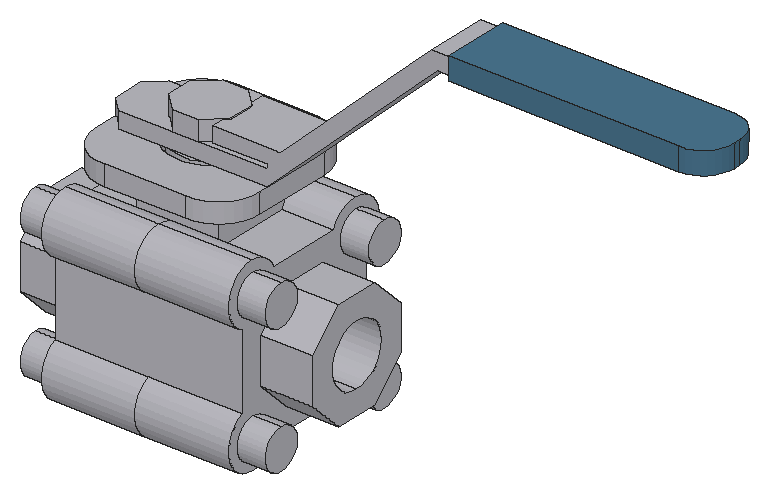
Revit family "320ASW-Ball-Valve", category Pipe Accessories, Revit 2018
Family settings
  Round Connector Dimension = Use Diameter
  Part Type = Valve - Breaks Into
  OmniClass Number = 23.60.30.11.14
  OmniClass Title = Pipework Fittings
  Work Plane-Based = No
  Always vertical = Yes
  Cut with Voids When Loaded = No
  Shared = No
Parameters
  Z4 [instance] = size_lookup(LookupTable, "Z4", 0.000", Nominal Diameter)  # 0.800"
  Z3 [instance] = size_lookup(LookupTable, "Z3", 0.000", Nominal Diameter)  # 0.200"
  Weight [instance] = size_lookup(LookupTable, "Weight", "NA", Nominal Diameter)  # "2.29 lbs."
  URL = "http://www.fnw.com"
  Standards Lookup Table = "Standards"  # constant formula
  R3 [instance] = size_lookup(LookupTable, "R3", 0.000", Nominal Diameter)  # 0.91924"
  Product ID Handle [instance] = "NA"
  Product ID [instance] = size_lookup(LookupTable, "ProductID", "NA", Nominal Diameter)  # "4106160"
  Pipe Diameter [instance] = size_lookup(Standards Lookup Table, "copper", 0.000", Nominal Diameter)  # 0.625"
  Pins [instance] = Lm / 2  # 0.650"
  Pin Length [instance] = X2 * 4 + X3  # 2.4726"
  Pin Diameter [instance] = size_lookup(LookupTable, "m", 0.000", Nominal Diameter)  # 0.400"
  Pin Bung [instance] = Pin Diameter * 1.5  # 0.600"
  Part Number Handle [instance] = "NA"
  Part Number [instance] = size_lookup(LookupTable, "PartNumber", "NA", Nominal Diameter)  # "FNW320ASWD"
  PIpe Radius [instance] = Pipe Diameter / 2  # 0.3125"
  Insert [instance] = size_lookup(LookupTable, "insert", 0.000", Nominal Diameter)  # 0.430"
  Manufacturer = "FNW"  # constant formula
  Lm [instance] = size_lookup(LookupTable, "lm", 0.000", Nominal Diameter)  # 1.300"
  Grip Pin4 [instance] = X3 / 2 + (X2 * 2)  # 1.2363"
  Gear [instance] = D3_Half - 0.063"  # 0.3495"
  Description BOM Handle [instance] = "NA"
  Description BOM [instance] = size_lookup(LookupTable, "Description_BOM", "NA", Nominal Diameter)  # "1/2 Stainless Steel 2000# Socket Weld 3 Piece Full Port BV"
  Z2 [instance] = size_lookup(LookupTable, "Z2", 0.000", Nominal Diameter)  # 0.300"
  Z1 [instance] = size_lookup(LookupTable, "Z1", 0.000", Nominal Diameter)  # 0.920"
  X3 [instance] = size_lookup(LookupTable, "X3", 0.000", Nominal Diameter)  # 1.2926"
  X2 [instance] = size_lookup(LookupTable, "X2", 0.000", Nominal Diameter)  # 0.295"
  X1 [instance] = size_lookup(LookupTable, "X1", 0.000", Nominal Diameter)  # 0.5337"
  Show Lever Clearance [instance] = no
  R2 [instance] = size_lookup(LookupTable, "R2", 0.000", Nominal Diameter)  # 0.71924"
  R1_Diam [instance] = R1 * 2  # 1.100"
  R1 [instance] = size_lookup(LookupTable, "R1", 0.000", Nominal Diameter)  # 0.550"
  Nominal Radius [instance] = Nominal Diameter / 2  # 0.250"
  Nominal Diameter [instance] = 0.500"
  LookupTable = "320ASW-Ball-Valve"  # constant formula
  HexAngle1 [instance] = 135.00°  # constant formula
  D4 [instance] = size_lookup(LookupTable, "D4", 0.000", Nominal Diameter)  # 0.375"
  D3_Half [instance] = D3 / 2  # 0.4125"
  D3 [instance] = size_lookup(LookupTable, "D3", 0.000", Nominal Diameter)  # 0.825"
  D2_Half [instance] = D2 / 2  # 0.61875"
  D2 [instance] = size_lookup(LookupTable, "D2", 0.000", Nominal Diameter)  # 1.2375"
  D1_Half [instance] = D1 / 2  # 0.825"
  D1 [instance] = size_lookup(LookupTable, "D1", 0.000", Nominal Diameter)  # 1.650"
  Body_W [instance] = Lm / 2 + 0.125"  # 0.775"
  1_Z2 [instance] = size_lookup(LookupTable, "1_Z2", 0.000", Nominal Diameter)  # 0.1644"
  1_Z1 [instance] = size_lookup(LookupTable, "1_Z1", 0.000", Nominal Diameter)  # 1.65435"
  1_Y1 [instance] = size_lookup(LookupTable, "1_Y1", 0.000", Nominal Diameter)  # 0.625"
  1_X6 [instance] = size_lookup(LookupTable, "1_X6", 0.000", Nominal Diameter)  # 0.375"
  1_X5 [instance] = size_lookup(LookupTable, "1_X5", 0.000", Nominal Diameter)  # 0.375"
  1_X4 [instance] = size_lookup(LookupTable, "1_X4", 0.000", Nominal Diameter)  # 0.825"
  1_X3 [instance] = size_lookup(LookupTable, "1_X3", 0.000", Nominal Diameter)  # 5.310"
  1_X2 [instance] = size_lookup(LookupTable, "1_X2", 0.000", Nominal Diameter)  # 1.65435"
  1_X1 [instance] = size_lookup(LookupTable, "1_X1", 0.000", Nominal Diameter)  # 1.650"
Reference planes (in)
  plane 1 "Center (Front/Back)": y = 0
  plane 2: z = 0
  plane 3 "Center (Left/Right)": x = 0
  plane 4 "X7 End": x = -1.475
  plane 5: x = -0.6463
  plane 6: x = 0.6463
  plane 7 "Pipe radius": z = 0.3125
  plane 8: z = 0.55
  plane 9: z = 0.92
  plane 10: z = 1.22
  plane 11 "top of pad": z = 1.42
  plane 12: x = 0.9413
  plane 13: x = -1.045
  plane 14: y = -0.65
  plane 15: z = -0.65
  plane 16: z = 0.65
  plane 17: y = 0.65
  plane 18: x = 10.098
  plane 19: y = 2.5
  plane 20: y = -2.5
  plane 21: y = -0.65
  plane 22: z = -0.65
  plane 23: z = 0.65
  plane 24: y = 0.65
  plane 25: through (0, 0, 0) normal (0, 0.7071, -0.7071)
  plane 26: through (0, 0, 0) normal (0, 0.7071, 0.7071)
  plane 27: y = -0.65
  plane 28: y = 0.65
  plane 29: y = -1.465
  plane 30: z = -1.465
  plane 31: z = 1.465
  plane 32: y = 1.465
  plane 33 "Pin Plane": x = -1.2363
  plane 34 "NPT 3": x = 1.475
  plane 35: x = 1.2363
  plane 36: z = -1.27275
  plane 37 "LM": z = 1.27275
  plane 38: x = -0.9413
  plane 39: x = 1.045
Forms (in)
  Extrusion 1, solid, material "Steel, Stainless", not visible
    sketch origin (-1.0872, 0, 0) x (0, 0, 1) y (0, -1, 0)
      loop
        circle (0, 0) r 0.25
    from 0.0422 to 2.1322
  Extrusion 2, solid, material "Steel, Stainless"
    sketch origin (1.4276, 0, 0) x (0, 0, 1) y (0, -1, 0)
      loop
        line (-0.22782, -0.55) -> (0.22782, -0.55) -> (0.55, -0.22782) -> (0.55, 0.22782) -> (0.22782, 0.55) -> (-0.22782, 0.55) -> (-0.55, 0.22782) -> (-0.55, -0.22782) -> (-0.22782, -0.55)
      loop
        circle (0, 0) r 0.3125
    from -2.9026 to 0.0474
  Extrusion 3, solid, material "Steel, Stainless"
    sketch origin (0, 0, 0.865) x (-1, 0, 0) y (0, -1, 0)
      loop
        arc (0.40833, -0.825) -> (0.70296, -0.70296) -> (0.825, -0.40833) r 0.41667
        line (0.825, -0.40833) -> (0.825, 0.40833)
        arc (0.825, 0.40833) -> (0.70296, 0.70296) -> (0.40833, 0.825) r 0.41667
        line (0.40833, 0.825) -> (-0.40833, 0.825)
        arc (-0.40833, 0.825) -> (-0.70296, 0.70296) -> (-0.825, 0.40833) r 0.41667
        line (-0.825, 0.40833) -> (-0.825, -0.40833)
        arc (-0.825, -0.40833) -> (-0.70296, -0.70296) -> (-0.40833, -0.825) r 0.41667
        line (-0.40833, -0.825) -> (0.40833, -0.825)
      loop
        circle (0, 0) r 0.4125
      loop
        circle (0, 0) r 0.3495
    from 0.355 to 0.555
  Extrusion 4, solid, material "Steel, Stainless"
    sketch origin (0, 0, 0.865) x (-1, 0, 0) y (0, -1, 0)
      loop
        line (0.4125, -0.4125) -> (0.4125, 0.4125) -> (-0.4125, 0.4125) -> (-0.4125, -0.4125) -> (0.4125, -0.4125)
    from -0.5525 to 0.355
  Extrusion 5, solid, material "Steel, Stainless"
    sketch origin (0, 0, 0.865) x (-1, 0, 0) y (0, -1, 0)
      loop
        line (0.21875, -0.21875) -> (0.21875, 0.21875) -> (-0.21875, 0.21875) -> (-0.21875, -0.21875) -> (0.21875, -0.21875)
    from 0.055 to 0.555
  Extrusion 6, solid, material "Steel, Stainless"
    sketch origin (-1.0872, 0, 0) x (0, 0, 1) y (0, -1, 0)
      loop
        circle (0.65, 0.65) r 0.2
      loop
        circle (0.65, -0.65) r 0.2
      loop
        circle (-0.65, -0.65) r 0.2
      loop
        circle (-0.65, 0.65) r 0.2
    from -0.1491 to 2.3235
  Extrusion 7, solid, material "Steel, Stainless"
    sketch origin (-1.0872, 0, 0) x (0, 0, 1) y (0, -1, 0)
      loop
        circle (0.65, -0.65) r 0.3
      loop
        circle (0.65, 0.65) r 0.3
      loop
        circle (-0.65, 0.65) r 0.3
      loop
        circle (-0.65, -0.65) r 0.3
    from 0.1459 to 1.0872
  Extrusion 8, solid, material "Steel, Stainless"
    sketch origin (-1.0872, 0, 0) x (0, 0, 1) y (0, -1, 0)
      loop
        circle (0.65, -0.65) r 0.3
      loop
        circle (0.65, 0.65) r 0.3
      loop
        circle (-0.65, 0.65) r 0.3
      loop
        circle (-0.65, -0.65) r 0.3
    from 1.0872 to 2.0285
  Extrusion 9, solid, material "Steel, Stainless"
    sketch origin (-1.2363, 0, 0) x (0, 0, 1) y (0, -1, 0)
      loop
        line (0.775, -0.775) -> (0.775, 0.775) -> (-0.775, 0.775) -> (-0.775, -0.775) -> (0.775, -0.775)
    from 0.295 to 2.1776
Cuts and joins
  joined: Extrusion 7, Extrusion 8, Extrusion 9
Dimensions and locks (in)
  "PIpe Radius": plane 7 "Pipe radius" to plane 2
  "R1": Extrusion 2 sketch curve to plane 1 "Center (Front/Back)"
  "R1": plane 1 "Center (Front/Back)" to Extrusion 2 sketch curve  (x5)
  "R1": plane 2 to Extrusion 2 sketch curve  (x2)
  "R1": plane 8 to plane 2
  "Z1": plane 9 to plane 2
  "Z2": plane 10 to plane 9
  "Z3": plane 11 "top of pad" to plane 10
  "D1_Half": Extrusion 3 sketch curve to plane 3 "Center (Left/Right)"
  "D1_Half": plane 3 "Center (Left/Right)" to Extrusion 3 sketch curve
  "D1_Half": plane 1 "Center (Front/Back)" to Extrusion 3 sketch curve
  "D1_Half": Extrusion 3 sketch curve to plane 1 "Center (Front/Back)"
  "D3_Half": Extrusion 4 sketch curve to plane 3 "Center (Left/Right)"
  "D3_Half": plane 3 "Center (Left/Right)" to Extrusion 4 sketch curve
  "D3_Half": plane 1 "Center (Front/Back)" to Extrusion 4 sketch curve  (x2)
  equal spacing: Extrusion 5 sketch curve, plane 1 "Center (Front/Back)", Extrusion 5 sketch curve
  Extrusion 5 sketch curve to Extrusion 5 sketch curve = 0.4375"  (x2)
  equal spacing: Extrusion 5 sketch curve, plane 3 "Center (Left/Right)", Extrusion 5 sketch curve
  "Pins": plane 2 to plane 16
  "Pins": plane 2 to plane 15
  "Pins": plane 1 "Center (Front/Back)" to plane 14
  "Pins": plane 17 to plane 1 "Center (Front/Back)"
  equal spacing: plane 19, plane 1 "Center (Front/Back)", plane 20
  plane 19 to plane 20 = 5.000"
  "Pins": plane 24 to plane 1 "Center (Front/Back)" to plane 21
  "Pins": plane 22 to plane 2 to plane 23
  plane 28 to plane 27 = 1.300"
  equal spacing: plane 28, plane 1 "Center (Front/Back)", plane 27
  "Lm": plane 28 to plane 27
  plane 32 to plane 29 = 2.930"
  plane 30 to plane 31 = 2.930"
  "X2": plane 12 to plane 6
  equal spacing: plane 6, plane 3 "Center (Left/Right)", plane 5
  "X3": plane 6 to plane 5
  "X1": plane 34 "NPT 3" to plane 12
  "Grip Pin4": Extrusion 6 to plane 3 "Center (Left/Right)"
  "X2": plane 35 to plane 12
  "Body_W": Extrusion 9 sketch curve to plane 2
  "Body_W": plane 1 "Center (Front/Back)" to Extrusion 9 sketch curve
  "Body_W": plane 2 to Extrusion 9 sketch curve
  "Body_W": Extrusion 9 sketch curve to plane 1 "Center (Front/Back)"
  "X2": plane 5 to plane 38
  "X2": plane 38 to plane 33 "Pin Plane"
  "X1": plane 38 to plane 4 "X7 End"
  "Insert": plane 4 "X7 End" to plane 13
  "Insert": plane 34 "NPT 3" to plane 39
  "Nominal Radius": radius of Extrusion 1 sketch curve
  "PIpe Radius": radius of Extrusion 2 sketch curve
  radius of Extrusion 3 sketch curve = 0.41667"  (x4)
  "D3_Half": radius of Extrusion 3 sketch curve
  "Gear": radius of Extrusion 3 sketch curve
  "Pin Diameter": diameter of Extrusion 6 sketch curve  (x4)
  "Pin Bung": diameter of Extrusion 7 sketch curve  (x4)
  "Pin Bung": diameter of Extrusion 8 sketch curve  (x4)
  angle Extrusion 2 sketch curve to Extrusion 2 sketch curve = 135.00°  (x7)
  aligned and locked: plane 2 to level
  aligned and locked: plane 4 "X7 End" to Extrusion 2
  aligned and locked: Extrusion 3 to plane 10
  aligned and locked: plane 11 "top of pad" to Extrusion 3
  aligned and locked: Extrusion 4 to plane 7 "Pipe radius"
  aligned and locked: Extrusion 1 to plane 13
  aligned and locked: plane 10 to Extrusion 4
  aligned and locked: Extrusion 5 to plane 9
  aligned and locked: plane 12 to Extrusion 8
  aligned and locked: Extrusion 2 to plane 34 "NPT 3"
  aligned and locked: plane 11 "top of pad" to Extrusion 5
  aligned and locked: Extrusion 6 to plane 33 "Pin Plane"
  aligned and locked: plane 3 "Center (Left/Right)" to Extrusion 7
  aligned and locked: Extrusion 8 to plane 3 "Center (Left/Right)"
  aligned and locked: cut or joined group of Extrusion 7, Extrusion 8, Extrusion 9 to plane 38  (x2)
  aligned and locked: plane 38 to cut or joined group of Extrusion 7, Extrusion 8, Extrusion 9
  aligned and locked: plane 39 to Extrusion 1
  aligned and locked: plane 12 to Extrusion 9
Automatic sketch dimensions
  Extrusion 1 sketch curve to level = 0.000"
  Extrusion 1 sketch curve to plane 1 "Center (Front/Back)" = 0.000"
  Extrusion 2 sketch curve to level = 0.000"
  Extrusion 2 sketch curve to plane 1 "Center (Front/Back)" = 0.000"
  Extrusion 3 sketch curve to Extrusion 3 sketch curve = 0.000"  (x2)
  plane 1 "Center (Front/Back)" to Extrusion 3 sketch curve = 0.000"
  Extrusion 3 sketch curve to plane 3 "Center (Left/Right)" = 0.000"
  Extrusion 6 sketch curve to plane 15 = 0.000"  (x2)
  Extrusion 6 sketch curve to plane 14 = 0.000"  (x2)
  plane 16 to Extrusion 6 sketch curve = 0.000"  (x2)
  Extrusion 6 sketch curve to plane 17 = 0.000"  (x2)
  Extrusion 7 sketch curve to plane 21 = 0.000"  (x2)
  Extrusion 7 sketch curve to plane 22 = 0.000"  (x2)
  plane 23 to Extrusion 7 sketch curve = 0.000"  (x2)
  Extrusion 7 sketch curve to plane 24 = 0.000"  (x2)
  plane 25 to Extrusion 8 sketch curve = 0.000"  (x2)
  Extrusion 8 sketch curve to plane 27 = 0.000"  (x2)
  plane 26 to Extrusion 8 sketch curve = 0.000"  (x2)
  Extrusion 8 sketch curve to plane 28 = 0.000"  (x2)
Nested families (in)
  nested 1: "Nested Lever Lock_Blue_320ASW" at (0, 0, 1.42), Show Lever Clearance <- "Show Lever Clearance", Description BOM <- "Description BOM Handle", Part Number <- "Part Number Handle", Product ID <- "Product ID Handle", Z3 <- "Z3", 1_X2 <- "1_X2", 1_X3 <- "1_X3", 1_X4 <- "1_X4", 1_X6 <- "1_X6", 1_Y1 <- "1_Y1", 1_Z1 <- "1_Z1", 1_Z2 <- "1_Z2", 1_X1 <- "1_X1", D3 <- "D3", type "Nested Lever Lock_Blue_320ASW"
    with Z3 0.200", Z1_Z2 0.90938", Void_Outer_Radius 0.375", Void_Outer 0.750", Tab_Width 0.375", Tab_Height_Center 0.82718", Tab Lock 0.19565", Show Lever Clearance no, Product ID "NA", Part Number "NA", Lock_Tab_Width 0.875", Hypotenuse_Tab_Center 1.1698", Grip_L3 0.2269", Grip_L2 0.19565", Grip_L1 0.03125", Description BOM "NA", D3_Half 0.275", D3 0.825", Clearance Hieght 6.000", Angle Hex Head 135.00°, Ang_Constraint 39.81°, 1_Z2_Half 0.0822", 1_Z2 0.1644", 1_Z1_Quarter 0.49579", 1_Z1 1.65435", 1_Y1_Half 0.3125", 1_Y1 0.625", 1_X6_Half 0.375", 1_X6 0.375", 1_X4 0.825", 1_X3_and_1__Y1_Half 5.6225", 1_X3 5.310", 1_X2_Quarter 0.41359", 1_X2_Half 0.82718", 1_X2 1.65435", 1_X1 1.650", 0Grip 2.125"
Connectors (in)
  piping at (-1.045, 0, 0), diameter 0.5, driven by "Nominal Diameter"
    settings: on Extrusion 1, index 1, connector inside diameter 24", connector length 0.000", flow factor 0, pipe flow 0 GPM, pressure drop 0.00 psi, fitting loss kfactor 0, connector angle 0.00°, fixture units 0, engagement length 0.000", angle of deflection 0.00°, flow configuration 0, flow direction 0, fitting loss method 0, system type 7, joint type 0, gender type 0, connector reference index 2, connector utility 0, adjustable connector no, is connector primary yes, connector description ""
  piping at (1.045, 0, 0), diameter 0.5, driven by "Nominal Diameter"
    settings: on Extrusion 1, index 2, connector inside diameter 24", connector length 0.000", flow factor 0, pipe flow 0 GPM, pressure drop 0.00 psi, fitting loss kfactor 0, connector angle 0.00°, fixture units 0, engagement length 0.000", angle of deflection 0.00°, flow configuration 0, flow direction 0, fitting loss method 0, system type 7, joint type 0, gender type 0, connector reference index 1, connector utility 0, adjustable connector no, is connector primary no, connector description ""
Definition of nested family "Nested Lever Lock_Blue_320ASW"
  Parameters (values of type "Nested Lever Lock_Blue_320A")
    Z3 [instance] = 0.125"
    Z1_Z2 [instance] = ([1_Z1] + [1_Z2]) / 2  # 0.6875"
    Tab_Width [instance] = [1_Y1_Half] + (Grip_L1 * 2)  # 1.0625"
    Tab_Height_Center [instance] = [1_Z1] / 2  # 0.625"
    Tab Lock [instance] = [1_Z2] + 0.03125"  # 0.15625"
    Product ID [instance] = ""
    Part Number [instance] = ""
    Lock_Tab_Width [instance] = [1_Y1] + 0.250"  # 2.250"
    Hypotenuse_Tab_Center [instance] = sqrt(Tab_Height_Center ^ 2 + [1_X2_Half] ^ 2)  # 0.97628"
    Description BOM [instance] = ""
    Angle 2 = 45.00°  # constant formula
    Ang_Constraint [instance] = 39.81°  # constant formula
    1_Z2 [instance] = 0.125"
    1_Z1_Quarter [instance] = [1_Z1] / 4 + ([1_Z2_Half])  # 0.375"
    1_Z1 [instance] = 1.250"
    1_Y1_Half [instance] = [1_Y1] / 2  # 1.000"
    1_Y1 [instance] = 2.000"
    1_X6_Half [instance] = [1_X6]  # 1.000"
    1_X6 [instance] = 1.000"
    1_X2_Quarter [instance] = [1_X2] / 4  # 0.375"
    1_X2_Half [instance] = [1_X2] / 2  # 0.750"
    1_X1 [instance] = 2.500"
    1_X3_and_1__Y1_Half [instance] = [1_X3] + [1_Y1_Half]  # 13.66198"
    1_X3 [instance] = 12.66198"
    1_X2 [instance] = 1.500"
    Void_Outer_Radius [instance] = Void_Outer / 2  # 1.0625"
    Void_Outer [instance] = [1_Y1] + Grip_L1 * 4  # 2.125"
    Show Lever Clearance [instance] = yes
    Grip_L3 [instance] = Grip_L1 + Grip_L2  # 0.1875"
    Grip_L1 [instance] = 0.03125"  # constant formula
    Grip_L2 [instance] = [1_Z2] + Grip_L1  # 0.15625"
    Default Elevation = 48.000"
    D3_Half [instance] = D3 / 3  # 0.23251"
    D3 [instance] = 0.69752"
    Clearance Hieght [instance] = 6.000"  # constant formula
    Angle Hex Head [instance] = 135.00°  # constant formula
    1_X4 [instance] = 1.100"
    1_Z2_Half [instance] = [1_Z2] / 2  # 0.0625"
    0Grip [instance] = 2.125"  # constant formula
  Reference planes (in)
    plane 1 "Center (Front/Back)": y = 0
    plane 2: z = 0
    plane 3 "Center (Left/Right)": x = 0
    plane 4: z = 0.125
    plane 5: x = -1.1
    plane 6: x = 12.66198
    plane 7: y = 1
    plane 8: y = -1
    plane 9: x = 1.4
    plane 10: x = 2.9
    plane 11: z = 1.375
    plane 12: z = 1.25
    plane 13: z = 0.25
    plane 14: z = 1.40625
    plane 15: z = 1.21875
    plane 16: x = 3.05625
    plane 17: y = 1.03125
    plane 18: y = -1.03125
    plane 19: z = -1.125
    plane 20: y = 0.5
    plane 21: y = -0.5
    plane 22: x = -1.225
    plane 23: x = 2.15
    plane 24: x = 1.775
    plane 25: x = 0.23251
    plane 26: z = 0.28125
  Forms (in)
    Extrusion 1, solid
      sketch origin (0, 0, 0) x (1, 0, 0) y (0, 1, 0)
        loop
          line (-48, 48) -> (-48, -48) -> (48, -48) -> (48, 48) -> (-48, 48)
      from 0 to -12
    Extrusion 2, solid
      sketch origin (0, 0, 0) x (1, 0, 0) y (0, 0, 1)
        loop
          line (1.54878, 0.28125) -> (0.23251, 0.28125) -> (0.23251, 0.16925) -> (1.4, 0.16925) -> (1.4, 0) -> (2.94425, 1.25) -> (4.05625, 1.25) -> (4.05625, 1.375) -> (2.9, 1.375) -> (1.54878, 0.28125)
      from -1 to 1
    Extrusion 3, solid
      sketch origin (0, 0, 0) x (1, 0, 0) y (0, 1, 0)
        loop
          line (1, 0.41421) -> (0.41421, 1) -> (-0.41421, 1) -> (-1, 0.41421) -> (-1, -0.41421) -> (-0.41421, -1) -> (0.41421, -1) -> (1, -0.41421) -> (1, 0.41421)
      from 0.125 to 0.25
    Extrusion 4, solid
      sketch origin (0, 0, 0) x (1, 0, 0) y (0, 1, 0)
        loop
          line (11.66198, 1.03125) -> (3.05625, 1.03125) -> (3.05625, -1.03125) -> (11.66198, -1.03125)
          arc (11.66198, -1.03125) -> (12.36908, -0.73836) -> (12.66198, -0.03125) r 1
          line (12.66198, -0.03125) -> (12.66198, 0.03125)
          arc (12.66198, 0.03125) -> (12.36908, 0.73836) -> (11.66198, 1.03125) r 1
      from 1.21875 to 1.40625
    Extrusion 5, solid, visible <- "Show Lever Clearance"
      sketch origin (0, 0, 0) x (1, 0, 0) y (0, 1, 0)
        loop
          line (-1.1, 1) -> (-1.1, -12.66198)
          arc (-1.1, -12.66198) -> (8.56048, -8.66048) -> (12.56198, 1) r 13.66198
          line (12.56198, 1) -> (-1.1, 1)
      from 0 to 6 <- "Clearance Hieght"
    Extrusion 6, solid
      sketch origin (0, 0, 0) x (1, 0, 0) y (0, 1, 0)
        loop
          line (1.4, -1) -> (1.4, 1) -> (-0.6, 1) -> (-1.1, 0.5) -> (-1.1, -0.5) -> (-0.6, -1) -> (1.4, -1)
      from 0 to 0.125
  Cuts and joins
    joined: Extrusion 2, Extrusion 6
  Lines and regions (in)
    reference lines
      curve 1: line (0, 0, 3.39657) -> (0, 0, -1.625)
  Dimensions and locks (in)
    "1_Z2": plane 4 to plane 2
    "1_X4": plane 3 "Center (Left/Right)" to plane 5
    "1_X3": plane 6 to plane 3 "Center (Left/Right)"
    equal spacing: plane 7, plane 1 "Center (Front/Back)", plane 8
    "1_Y1": plane 7 to plane 8
    "1_X1": plane 9 to plane 5
    "1_X2": plane 10 to plane 9
    "1_Z1": plane 11 to plane 4
    "1_Z2": plane 11 to plane 12
    equal spacing: Extrusion 3 sketch curve, curve 1, Extrusion 3 sketch curve  (x4)
    "1_Y1": Extrusion 3 sketch curve to Extrusion 3 sketch curve  (x4)
    "Z3": plane 13 to plane 4
    "Grip_L1": plane 14 to plane 11
    "Grip_L2": plane 11 to plane 15
    "Grip_L2": plane 16 to plane 10
    "Grip_L1": plane 8 to plane 18
    "Grip_L1": plane 17 to plane 7
    "1_Y1_Half": plane 16 to Extrusion 2
    "1_X3_and_1__Y1_Half": Extrusion 5 sketch curve to Extrusion 5 sketch curve  (x2)
    equal spacing: Extrusion 6 sketch curve, plane 1 "Center (Front/Back)", Extrusion 6 sketch curve
    "1_Y1_Half": Extrusion 6 sketch curve to Extrusion 6 sketch curve
    equal spacing: plane 21, plane 1 "Center (Front/Back)", plane 20
    "1_Y1_Half": plane 21 to plane 20
    "1_Z2": plane 5 to plane 22
    "1_X2_Half": plane 23 to plane 9
    "1_X2_Quarter": plane 24 to plane 9
    "D3_Half": plane 25 to plane 3 "Center (Left/Right)"
    "1_Z2": Extrusion 2 sketch curve to Extrusion 2 sketch curve
    "Tab Lock": plane 26 to plane 4
    "1_Y1_Half": radius of Extrusion 4 sketch curve  (x2)
    "1_X3_and_1__Y1_Half": radius of Extrusion 5 sketch curve
    "Angle Hex Head": angle Extrusion 3 sketch curve to Extrusion 3 sketch curve  (x6)
    "Angle 2": angle plane 5 to Extrusion 6 sketch curve
    "Angle 2": angle Extrusion 6 sketch curve to plane 5
    aligned and locked: plane 2 to Extrusion 1
    aligned and locked: level to Extrusion 1
    aligned and locked: plane 10 to Extrusion 2 sketch curve
    aligned and locked: plane 12 to Extrusion 2 sketch curve
    aligned and locked: plane 11 to Extrusion 2 sketch curve
    aligned and locked: curve 1 to plane 3 "Center (Left/Right)"
    aligned and locked: plane 4 to Extrusion 3
    aligned and locked: Extrusion 3 to plane 13
    aligned and locked: Extrusion 4 sketch curve to plane 16
    aligned and locked: Extrusion 4 sketch curve to plane 18
    aligned and locked: plane 17 to Extrusion 4 sketch curve
    aligned and locked: Extrusion 4 to plane 15
    aligned and locked: Extrusion 4 to plane 14
    aligned and locked: Extrusion 2 to plane 8
    aligned and locked: plane 7 to Extrusion 2
    aligned and locked: Extrusion 2 sketch curve to plane 9
    aligned and locked: plane 9 to Extrusion 6 sketch curve
    aligned and locked: Extrusion 6 sketch curve to plane 5
    aligned and locked: Extrusion 6 to plane 4
    aligned and locked: Extrusion 2 sketch curve to plane 25
    aligned and locked: Extrusion 2 to plane 26
  Automatic sketch dimensions
    Extrusion 1 sketch curve to Extrusion 1 sketch curve = 96.000"  (x2)
    plane 19 to curve 1 = 0.500"
    plane 14 to curve 1 = 1.99032"
    Extrusion 2 sketch curve to plane 26 = 0.000"
    Extrusion 2 sketch curve to level = 0.000"
    plane 16 to Extrusion 2 sketch curve = 1.000"
    Extrusion 2 sketch curve to plane 4 = 0.04425"
    Extrusion 4 sketch curve to plane 6 = 0.000"
    Extrusion 5 sketch curve to plane 5 = 0.000"
    Extrusion 5 sketch curve to plane 7 = 0.000"
    Extrusion 6 sketch curve to plane 8 = 0.000"
    Extrusion 6 sketch curve to plane 7 = 0.000"
